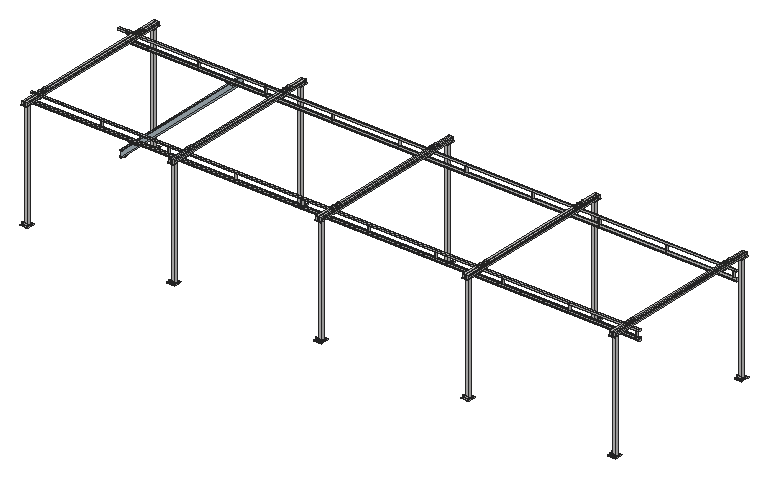
Revit family "WorkStation_Bridge_Gorbel_Steel-Track-Alum-Bridge", category Specialty Equipment, Revit 2026 (continued)
Definition of nested family "Aluminum Bridge  & Steel Runway"
  Definition of nested family "Ceiling Mounted Grain"
    Automatic sketch dimensions
      Extrusion 2 sketch curve to Extrusion 2 sketch curve = 0' - 0"
      Extrusion 2 sketch curve to Extrusion 2 sketch curve = 0' - 0 15/16"  (x2)
  Definition of nested family "Hoist"
    Parameters
      offset [instance] = 0' - 0"
      Warranty Duration (Years) = 0
      Unit Width = 0' - 0"
      Unit Height = 0' - 1 1/2"
      Unit Depth = 0' - 0"
      URL = "https://www.gorbel.com/Solutions/architectsandengineers.aspx"
      Test Data = "https://www.gorbel.com/Solutions/designstandards.aspx"
      Specification = "http://www.arcat.com/sd/clients/gorbel.html?coid=43076"
      SpecWizard = ""
      Send Message = "http://www.arcat.com/users.pl?action=UserEmail&company=Gorbel%20Inc.&coid=43076&rep=106&fax=800-828-1808&mf="
      Sales Information = "https://www.gorbel.com/About/HowToBuy.aspx"
      Revision = "R1_05-2011"
      Product Properties = "https://www.gorbel.com/Products.aspx"
      Product Data = "http://arcat.com/arcatcos/cos43/arc43076.html?isac=1&r=1"
      Model = "As Specified"
      Manufacturer Website = "https://www.gorbel.com/Solutions/architectsandengineers.aspx"
      Manufacturer Phone - Toll Free = "800-821-0086 "
      Manufacturer Phone = "585-924-6262 "
      Manufacturer Fax = "800-828-1808;585-924-6273"
      Manufacturer Address = "600 Fishers Run, Fishers, NY 14453\r\n"
      Manufacturer = "Gorbel Inc"
      Maintenance Schedule (Months) = 0
      Keynote = "14600"
      Installation-Fabrication = "https://www.gorbel.com/Media/brochures.aspx"
      Installation Phase = ""
      Green Building-LEED = ""
      Fixture Material = none
      Expected Lifespan (Years) = 0
      Drawn By = "Sumex Design, Inc. / Robert S. Weygant, CSI, CDT, SCIP"
      Description = "Gorbel"
      Default Elevation = 4' - 0"
      Copyright = "©Arcat Inc."
      Construction Details = ""
      Assembly Code = "D1090300"
    Reference planes (in)
      plane 1 "Center (Front/Back)": y = 0
      plane 2 "Bottom": z = 0
      plane 3 "Center (Left/Right)": x = 0
      plane 4: z = 1.95
      plane 5: z = 1.5
    Forms (in)
      Extrusion 1, solid, material <- "Fixture Material"
        sketch origin (28.3125, 0, -4.01912) x (0, 1, 0) y (0, 0, 1)
          loop
            line (0.42972, 5.96912) -> (0.09504, 5.96912) -> (0.09504, 5.84412) -> (0.32483, 5.84412) -> (0.50658, 5.10298) -> (0.50658, 4.14412) -> (-0.50658, 4.14412) -> (-0.50658, 5.10298) -> (-0.32483, 5.84412) -> (-0.09504, 5.84412) -> (-0.09504, 5.96912) -> (-0.42972, 5.96912) -> (-0.63158, 5.11392) -> (-0.63158, 4.01912) -> (0.63158, 4.01912) -> (0.63158, 5.11392) -> (0.42972, 5.96912)
        from -30.3125 to -26.3125
      Extrusion 2, void
        sketch origin (28.3125, 0, -4.01912) x (1, 0, 0) y (0, 0, 1)
          loop
            line (-30.3125, 4.3456) -> (-29.54868, 5.44252)
            arc (-29.54868, 5.44252) -> (-29.21213, 5.82628) -> (-28.7221, 5.96912) r 0.91204
            line (-28.7221, 5.96912) -> (-27.9029, 5.96912)
            arc (-27.9029, 5.96912) -> (-27.41287, 5.82628) -> (-27.07632, 5.44252) r 0.91204
            line (-27.07632, 5.44252) -> (-26.3125, 4.3456) -> (-26.3125, 7.15676) -> (-30.3125, 7.15676) -> (-30.3125, 4.3456)
          loop
            circle (-28.32038, 5.37341) r 0.18448
        from -0.63158 to 0.63158
    Cuts and joins
      Extrusion 2 cuts Extrusion 1
    Dimensions and locks (in)
      locked: plane 4 to plane 5 at 0.45
      "Unit Height": plane 5 to plane 2 "Bottom"
      radius of Extrusion 2 sketch curve = 0' - 0.91204"  (x2)
      angle Extrusion 1 sketch curve to Extrusion 1 sketch curve = 166.221°  (x2)
      aligned and locked: Extrusion 2 to Extrusion 1
      aligned and locked: Extrusion 1 to Extrusion 2
    Automatic sketch dimensions
      Extrusion 1 sketch curve to level = 0' - 0"
      Extrusion 1 sketch curve to plane 4 = 0' - 0"  (x2)
      plane 1 "Center (Front/Back)" to Extrusion 1 sketch curve = 0' - 0.63158"
      Extrusion 1 sketch curve to Extrusion 1 sketch curve = 0' - 0 1/8"  (x2)
      plane 1 "Center (Front/Back)" to Extrusion 1 sketch curve = 0' - 0.42972"
      Extrusion 1 sketch curve to plane 4 = 0' - 0 1/8"  (x2)
      Extrusion 1 sketch curve to Extrusion 1 sketch curve = 0' - 0.10489"  (x2)
      plane 1 "Center (Front/Back)" to Extrusion 1 sketch curve = 0' - 0.09504"
      Extrusion 1 sketch curve to plane 1 "Center (Front/Back)" = 0' - 0.09504"
      Extrusion 1 sketch curve to Extrusion 1 sketch curve = 0' - 0.22979"
      Extrusion 1 sketch curve to plane 5 = 0' - 0.41613"
      level to Extrusion 1 sketch curve = 0' - 0 1/8"
      Extrusion 1 sketch curve to Extrusion 1 sketch curve = 0' - 0.01094"  (x2)
      Extrusion 2 sketch curve to plane 4 = 0' - 0"
      Extrusion 2 sketch curve to plane 3 "Center (Left/Right)" = 0' - 2"
      Extrusion 2 sketch curve to plane 5 = 0' - 0.07659"  (x2)
      Extrusion 2 sketch curve to plane 3 "Center (Left/Right)" = 0' - 1.23618"
      Extrusion 2 sketch curve to plane 3 "Center (Left/Right)" = 0' - 0.00788"
      plane 3 "Center (Left/Right)" to Extrusion 2 sketch curve = 0' - 0.4096"
      Extrusion 2 sketch curve to Extrusion 2 sketch curve = 0' - 0.76382"
      level to Extrusion 2 sketch curve = 0' - 0.32648"  (x2)
      Extrusion 2 sketch curve to plane 5 = 0' - 0.1457"
      plane 4 to Extrusion 2 sketch curve = 0' - 1.18764"
      radius of Extrusion 2 sketch curve = 0' - 0.18448"
